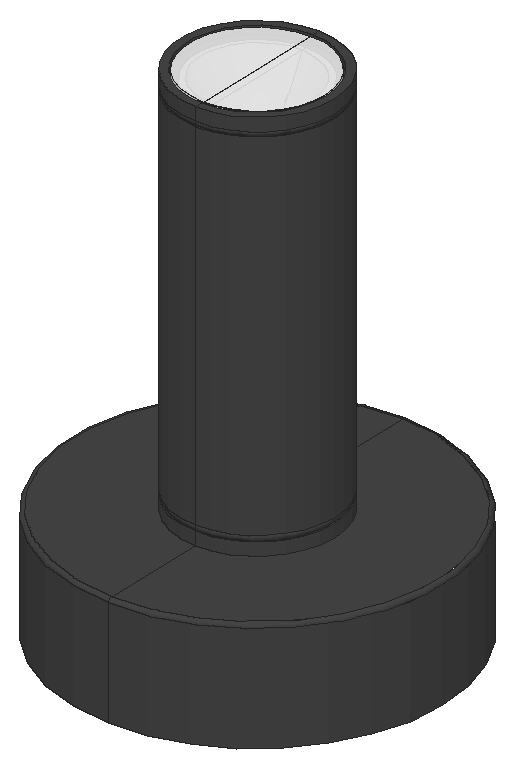
Revit family "AFX-Beverly-Outdoor_Flush_Mount-1", category Lighting Fixtures, host Face, Revit 2021
Family settings
  Host = Face
  Round Connector Dimension = Use Diameter
  Part Type = Normal
  Cut with Voids When Loaded = No
  Light Source = Yes
  Shared = No
  Room Calculation Point = No
Parameters (values of type "BVYW0608LAJUDBK")
  Wattage Comments = "9w"
  Wattage = 9.2903 W
  built-in parameter 1150110 = 1 (stored number, unit not read)
  Voltage = 120 V
  URL = "https://www.afxinc.com/"
  Type Comments = "Beverly"  # constant formula
  built-in parameter 1114217 = 1 (stored number, unit not read)
  Tilt Angle = -90.00°
  built-in parameter 1150109 = 1 (stored number, unit not read)
  built-in parameter 1150134 = 3
  Sustainability = "https://lamprecycle.org/en/"
  built-in parameter 1150113 = 1 (stored number, unit not read)
  Screen Finish [instance] = AFX - Acrylic
  Revit Model Built By = "https://www.servex-us.com/servex-revit/"
  Product Documentation Link = "https://www.afxinc.com/products/productDetail.cfm?productID=2509"
  Power Factor = 1
  Photometric Web File = "BVYW0608LAJUDSN_3000K_IES.IES"
  built-in parameter 1150142 = "IESNA:LM-63-2002\r\n[TEST] LCZP23110087\r\n[TESTLAB] LCTECH 231117106003\r\n[TESTDATE] 2023/11/23\r\n[ISSUEDATE] 2023/11/23\r\n[MANUFAC] AFX\r\n[LUMCAT] BVYW0608LAJUD**\r\n[LUMINAIRE] LED µÆ??\r\n[LAMPCAT] \r\n[LAMP] \r\n[LumELE] 119.99 0.084 9.85 0.9819\r\nTILT=NONE\r\n1 691.93 1 37 7 1 2 -0.045 -0.045 0\r\n1 1 9.85\r\n0.00 5.00 10.00 15.00 20.00 25.00 30.00 35.00 40.00 45.00 50.00 55.00 60.00 65.00 70.00 75.00 80.00 85.00 90.00 95.00 100.00 105.00 110.00 115.00 120.00 125.00 130.00 135.00 140.00 145.00 150.00 155.00 160.00 165.00 170.00 175.00 180.00\r\n0.00 15.00 30.00 45.00 60.00 75.00 90.00\r\n970.206 905.975 769.877 637.372 535.859 446.475 351.251 241.653 116.335 33.239 18.865 13.924 9.882 7.187 5.39 4.043 2.246 0.449 0.00 0.00 0.00 0.00 0.00 0.00 0.00 0.00 0.00 0.00 0.00 0.449 0.898 1.348 2.246 2.246 2.695 2.695 1.348\r\n970.206 908.713 772.355 638.739 538.574 448.729 349.686 242.10 143.162 36.861 18.645 14.151 9.659 6.738 5.167 4.043 2.472 0.449 0.00 0.00 0.00 0.00 0.00 0.00 0.00 0.00 0.00 0.00 0.00 0.675 1.122 1.348 2.246 2.246 2.695 2.695 1.348\r\n970.206 905.542 768.471 636.102 559.804 449.97 353.215 243.892 123.207 37.247 18.818 14.116 9.411 6.719 4.702 4.032 2.014 0.448 0.00 0.00 0.00 0.00 0.00 0.00 0.00 0.00 0.00 0.00 0.00 0.674 1.118 1.344 2.24 2.24 2.688 2.688 1.348\r\n970.206 921.31 785.805 653.804 552.164 460.307 360.90 247.847 128.772 40.008 19.376 13.905 9.345 6.384 5.016 3.878 2.054 0.456 0.00 0.00 0.00 0.00 0.00 0.00 0.00 0.00 0.00 0.00 0.00 0.682 1.142 1.598 2.28 2.505 2.736 2.736 1.348\r\n970.206 905.28 771.965 643.71 528.535 449.409 355.549 240.64 128.306 42.594 19.887 14.523 9.612 6.483 5.137 4.017 2.009 0.447 0.00 0.00 0.00 0.00 0.00 0.00 0.00 0.00 0.00 0.00 0.00 0.673 1.115 1.788 2.235 2.235 2.682 2.682 1.348\r\n970.206 903.732 774.719 644.519 541.146 451.561 352.006 237.94 124.539 42.893 20.049 14.70 9.802 6.68 5.119 3.783 2.227 0.445 0.00 0.00 0.00 0.00 0.00 0.00 0.00 0.00 0.00 0.00 0.00 0.671 1.111 1.561 2.227 2.227 2.672 2.672 1.348\r\n970.206 918.456 789.755 669.154 561.154 465.303 358.652 239.852 133.651 59.40 21.15 15.30 10.35 7.20 5.40 3.60 2.25 0.90 0.00 0.00 0.00 0.00 0.00 0.00 0.00 0.00 0.00 0.00 0.00 0.90 0.90 1.80 2.25 2.25 2.70 2.70 1.348\r\n"
  Model = "BVYW0608LAJUDBK"
  Manufacturer = "AFX Inc"  # constant formula
  built-in parameter 1150105 = 109.82 (stored number, unit not read)
  Lumens = 1380 lm
  built-in parameter 1150115 = 1 (stored number, unit not read)
  built-in parameter 1150137 = (empty or 0)
  built-in parameter 1150139 = (empty or 0)
  built-in parameter 1150112 = 1 (stored number, unit not read)
  built-in parameter 1150114 = 1 (stored number, unit not read)
  Keynote = "12500"  # constant formula
  built-in parameter 1150132 = (empty or 0)
  built-in parameter 1150102 = (empty or 0)
  built-in parameter 1150107 = 3200 (stored number, unit not read)
  built-in parameter 1150138 = (empty or 0)
  built-in parameter 1150106 = 1.0982 (stored number, unit not read)
  Housing Finish = AFX - Paint Finish Black
  Emit from Circle Diameter = 2"
  Emit Shape Visible in Rendering = no
  built-in parameter 1150104 = 13.8 (stored number, unit not read)
  Dimming Lamp Color Temperature Shift = <None>
  Diffuser Finish = AFX - Aluminum
  Diameter = 2 1/2"
  Description = "LED Outdoor Flush Mount - 2 1/2\" Dia x 8\"D"
  Depth = 8"
  Default Elevation = 48"
  Colour Rendering Index = "90"
  Color Filter = 16777215
  Body Finish [instance] = AFX - Paint Finish Black
  built-in parameter 1114218 = 1 (stored number, unit not read)
  built-in parameter 1150133 = 10 (stored number, unit not read)
  Assembly Code = "D5020200"
  Apparent Load = 0 VA
Reference planes (in)
  plane 1 "Center (Front/Back)": y = 0
  plane 2: z = 0
  plane 3 "Center (Left/Right)": x = 0
  plane 4: z = 1.77165
  plane 5: x = 2.95276
  plane 6: x = -2.95276
  plane 7: y = 2.95276
  plane 8: y = -2.95276
  plane 9: z = 8.02165
  plane 10: z = 6.96386
Forms (in)
  Revolve 1, solid, material "AFX - Paint Finish Black" <- "Housing Finish"
    sketch origin (0, 0, 0) x (0, 1, 0) y (0, 0, 1)
      loop
        line (0, 1.77165) -> (-2.89026, 1.77165)
        arc (-2.89026, 1.77165) -> (-2.93445, 1.75335) -> (-2.95276, 1.70915) r 0.0625
        line (-2.95276, 1.70915) -> (-2.95276, 0) -> (0, 0) -> (0, 1.77165)
      axis (0, 0) -> (0, 1.77165)
    angle from 0 to 360
  Revolve 2, solid, material "AFX - Paint Finish Black" <- "Body Finish"
    sketch origin (0, 0, -31.49606) x (0, 1, 0) y (0, 0, 1)
      loop
        line (0, 33.26772) -> (0, 33.85827) -> (-1.17402, 33.85827) -> (-1.17402, 39.18848) -> (-1.06209, 39.18848) -> (-1.06209, 39.33892) -> (-0.98381, 39.33892) -> (-0.98381, 39.39173) -> (-1.104, 39.39173) -> (-1.104, 39.51772) -> (-1.23031, 39.51772) -> (-1.23031, 39.31299) -> (-1.19906, 39.31299)
        arc (-1.19906, 39.31299) -> (-1.22137, 39.27585) -> (-1.19906, 39.23871) r 0.04208
        line (-1.19906, 39.23871) -> (-1.23031, 39.23871) -> (-1.23031, 33.56299) -> (-1.19906, 33.56299)
        arc (-1.19906, 33.56299) -> (-1.21992, 33.51772) -> (-1.19906, 33.47244) r 0.05957
        line (-1.19906, 33.47244) -> (-1.23031, 33.47244) -> (-1.23031, 33.26772) -> (0, 33.26772)
      axis (0, 39.51772) -> (0, 33.26772)
    angle from 0 to 360
  Revolve 3, solid, material "AFX - Aluminum" <- "Diffuser Finish"
    sketch origin (0, 0, -31.49606) x (0, 1, 0) y (0, 0, 1)
      loop
        line (-0.98381, 39.39173) -> (-0.98381, 39.33892) -> (-0.92521, 39.33892)
        arc (-0.92521, 39.33892) -> (-0.63722, 38.8267) -> (-0.25492, 38.38044) r 3.00032
        line (-0.25492, 38.38044) -> (-0.21967, 38.38044) -> (-0.21967, 38.41685)
        arc (-0.21967, 38.41685) -> (-0.60423, 38.87034) -> (-0.89006, 39.39173) r 2.95053
        line (-0.89006, 39.39173) -> (-0.98381, 39.39173)
      axis (0, 39.39173) -> (0, 38.38044)
    angle from 0 to 360
  Revolve 4, solid, material "AFX - Paint Finish Black" <- "Body Finish"
    sketch origin (0, 0, -31.49606) x (0, 1, 0) y (0, 0, 1)
      loop
        line (-1.1436, 38.53005) -> (-1.1436, 38.21509) -> (0, 38.21509) -> (0, 38.38044) -> (-0.43307, 38.38044) -> (-0.43307, 38.26233) -> (-1.09474, 38.26233) -> (-1.09474, 38.53005) -> (-1.1436, 38.53005)
      axis (0, 38.53005) -> (0, 38.21509)
    angle from 0 to 360
  Revolve 5, solid, material "AFX - Acrylic" <- "Screen Finish"
    sketch origin (0, 0, -31.49606) x (0, 1, 0) y (0, 0, 1)
      loop
        line (-1.07283, 39.39173) -> (0, 39.39173) -> (0, 39.50984) -> (-1.07283, 39.50984) -> (-1.07283, 39.39173)
      axis (0, 39.50984) -> (0, 39.39173)
    angle from 0 to 360
Lines and regions (in)
  symbolic lines
    curve 1: circle (0, 0, 0) r 2.95276 normal (0, 0, 1)
  symbolic lines, style "LightingFixturesHiddenLines", detail levels medium+fine
    curve 2: circle (0, 0, 0) r 1.23031 normal (0, 0, 1)
Dimensions and locks (in)
  plane 9 to Revolve 2 sketch curve to Revolve 2 sketch curve to Revolve 2 sketch curve to Revolve 2 sketch curve to Revolve 2 sketch curve to Revolve 2 sketch curve = 0.12598" locked, 0.05282" locked, 0.02592" locked, 0.03714" locked, 0.03714" locked, 0.05023" locked
  Revolve 2 sketch curve to Revolve 2 sketch curve to Revolve 2 sketch curve to Revolve 2 sketch curve = 0.04528" locked, 0.04528" locked, 0.29528" locked
  Revolve 2 sketch curve to Revolve 2 sketch curve to Revolve 2 sketch curve to Revolve 2 sketch curve to Revolve 2 sketch curve to Revolve 2 sketch curve to Revolve 2 sketch curve to plane 8 = 0.07828" locked, 0.04192" locked, 0.07001" locked, 0.00527" locked, 0.05102" locked, 0" locked, 1.72244" locked
  Revolve 2 sketch curve to Revolve 2 sketch curve to plane 8 = 0.06997" locked, 1.72244" locked
  Revolve 3 sketch curve to Revolve 3 sketch curve to plane 9 to Revolve 3 sketch curve to Revolve 3 sketch curve to Revolve 3 sketch curve = 0.00399" locked, 1.02447" locked, 0.12598" locked, 0.05282" locked, 0.95847" locked
  Revolve 3 sketch curve to Revolve 3 sketch curve to plane 1 "Center (Front/Back)" to Revolve 3 sketch curve to Revolve 3 sketch curve = 0.76414" locked, 0.21967" locked, 1.82151" locked, 0.00543" locked
  plane 9 to Revolve 4 sketch curve to Revolve 4 sketch curve to Revolve 4 sketch curve to Revolve 4 sketch curve = 0.98767" locked, 0.14961" locked, 0.11811" locked, 0.04724" locked
  plane 1 "Center (Front/Back)" to Revolve 4 sketch curve to Revolve 4 sketch curve to Revolve 4 sketch curve = 0.43307" locked, 0.66167" locked, 0.04886" locked
  locked: plane 1 "Center (Front/Back)" to Revolve 5 sketch curve at 1.07283
  plane 9 to Revolve 5 sketch curve to Revolve 5 sketch curve = 0.00787" locked, 0.11811" locked
  equal spacing: plane 6, plane 3 "Center (Left/Right)", plane 5
  plane 6 to plane 5 = 5.90551"
  equal spacing: plane 7, plane 1 "Center (Front/Back)", plane 8
  plane 8 to plane 7 = 5.90551"
  plane 9 to plane 10 to plane 4 to plane 2 = 1.0578" locked, 5.1922" locked, 1.77165" locked
  aligned and locked: plane 2 to host face
  aligned and locked: level to host face
  aligned and locked: plane 1 "Center (Front/Back)" to Revolve 1 sketch curve  (x2)
  aligned and locked: Revolve 1 sketch curve to plane 4
  aligned and locked: plane 2 to Revolve 1 sketch curve
  aligned and locked: plane 8 to Revolve 1 sketch curve
  aligned and locked: Revolve 2 sketch curve to plane 1 "Center (Front/Back)"
  aligned and locked: Revolve 2 sketch curve to plane 9
  aligned and locked: plane 1 "Center (Front/Back)" to Revolve 2 sketch curve
  aligned and locked: Revolve 3 sketch curve to plane 1 "Center (Front/Back)"
  aligned and locked: Revolve 4 sketch curve to plane 1 "Center (Front/Back)"
  aligned and locked: plane 1 "Center (Front/Back)" to Revolve 4 sketch curve
  aligned and locked: Revolve 5 sketch curve to plane 1 "Center (Front/Back)"
  aligned and locked: plane 1 "Center (Front/Back)" to Revolve 5 sketch curve
  aligned and locked: imposter light to plane 10
Automatic sketch dimensions
  host sketch curve to host sketch curve = 96"  (x2)
  Revolve 1 sketch curve to Revolve 1 sketch curve = 1/16"
  Revolve 1 sketch curve to Revolve 1 sketch curve = 3 1/2"
  Revolve 2 sketch curve to Revolve 2 sketch curve = 0.01977"
  Revolve 2 sketch curve to Revolve 2 sketch curve = 1/32"
  Revolve 2 sketch curve to Revolve 2 sketch curve = 2 1/4"
  plane 9 to Revolve 2 sketch curve = 2 3/4"
  Revolve 3 sketch curve to Revolve 3 sketch curve = 9/256"
  Revolve 3 sketch curve to Revolve 3 sketch curve = 0.03525"
  Revolve 3 sketch curve to Revolve 3 sketch curve = 0.57502"
  plane 9 to Revolve 3 sketch curve = 0.44146"
  Revolve 4 sketch curve to Revolve 4 sketch curve = 0.77299"
  plane 9 to Revolve 4 sketch curve = 0.67438"
  Revolve 5 sketch curve to Revolve 5 sketch curve = 0.38686"
  plane 9 to Revolve 5 sketch curve = 0.41213"
  curve 1 to curve 2 = 0"  (x2)
  plane 1 "Center (Front/Back)" to curve 2 = 0"
  curve 2 to plane 3 "Center (Left/Right)" = 0"
  plane 4 to Revolve 1 sketch curve = 6.72835"
  Revolve 2 sketch curve to plane 10 = 4.60165"
  Revolve 2 sketch curve to Revolve 2 sketch curve = 0.59055"
  radius of curve 1 = 2.95276"
  radius of curve 2 = 1.23031"
Connectors (in)
  electrical at (0, 0, 0), driven by "Voltage", driven by "Apparent Load", driven by "Power Factor"
    settings: on Revolve 1, index 1, voltage 120 V, apparent load 0 VA, apparent load phase1 0 VA, apparent load phase2 0 VA, apparent load phase3 0 VA, power factor 1, load classification "Lighting", number of poles 1, system type 31, power factor state 1, is connector primary yes, connector utility no, sub classification motor no, connector description ""
